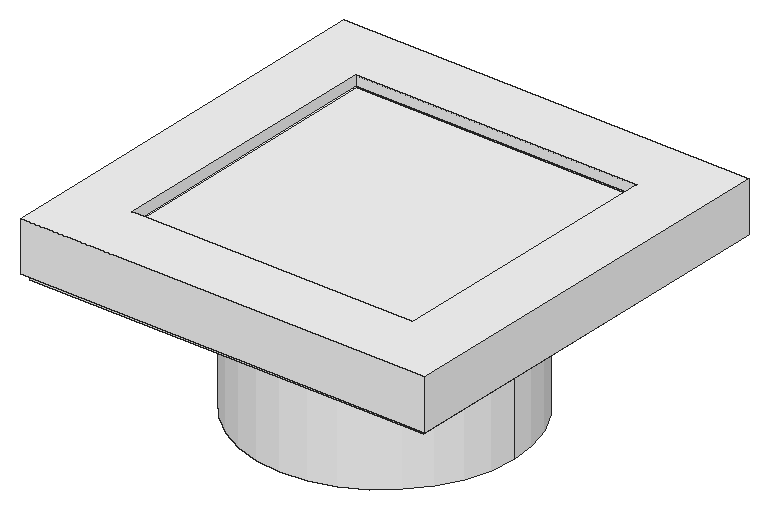
Revit family "Gira_0136005", category Electrical Fixtures, host Face, Revit 2017
Family settings
  Host = Face
  Maintain Annotation Orientation = Yes
  Round Connector Dimension = Use Diameter
  Part Type = Normal
  Cut with Voids When Loaded = No
  Shared = No
  Room Calculation Point = No
Parameters (values of type "PB ind.sw. off/2-way System 55 black m")
  White [instance] = White
  URL = "http://katalog.gira.de/en/datenblatt.html?artikelnr=0136005"
  Name = "PB ind.sw. off/2-way System 55 black m"
  Model = "Sys55_Komplettgerät_Schalten und Tasten"
  Manufacturer URL = "https://www.gira.de/"
  Manufacturer = "Gira"
  Label space/information surface = "No"
  HeinzeBIM = "https://bimportal.heinze.de/bim/pb-ind-sw-off-2-way-system-55-black-m/3d82de511a8cd2216bdfe59f043e2969c0a4b08f"
  HAN = "0136005"
  GTIN = "4010337037941"
  Description = "PB ind.sw.off 2-w Sys55 BKm,Pushbutton indicator switch 10 AX 250 V~ with rocker,Universal off 2-way switch,black matt,Notes :,- Can also be connected with illumination."
  Default Elevation = 1219.2 mm
  Data sheet (1) = "https://katalog.gira.de/en/download.html?artikelnr=0136005"
  Category = "Switch"
  BIM (1) = "https://media.stage.bim.site/public/gira/36a6b08/Sys55_Komplettgerät_Schalten und Tasten.rfa?public/gira/36a6b08/Sys55_Komplettgerät_Schalten und Tasten.rfa"
  Available = "No"
Reference planes
  plane 1 "Center (Front/Back)": y = 0
  plane 2: z = 0
  plane 3 "Center (Left/Right)": x = 0
Forms (mm)
  Extrusion 1, solid, material "White" <- "White", detail levels medium
    sketch origin (0, 0, 0) x (1, 0, 0) y (0, 1, 0)
      loop
        line (-40.4, 40.4) -> (-40.4, -40.4) -> (40.4, -40.4) -> (40.4, 40.4) -> (-40.4, 40.4)
      loop
        line (-28, 28) -> (-28, -28) -> (28, -28) -> (28, 28) -> (-28, 28)
    from 0 to 10
  Extrusion 2, solid, material "White" <- "White", detail levels fine
    sketch origin (0, 0, 0) x (1, 0, 0) y (0, 1, 0)
      loop
        line (-40.4, 40.4) -> (-40.4, -40.4) -> (40.4, -40.4) -> (40.4, 40.4) -> (-40.4, 40.4)
      loop
        line (-28, 28) -> (-28, -28) -> (28, -28) -> (28, 28) -> (-28, 28)
    from 0 to 10
  Extrusion 3, void
    sketch origin (0, 0, 0) x (1, 0, 0) y (0, 1, 0)
      loop
        line (-38.4, 38.4) -> (-38.4, -38.4) -> (38.4, -38.4) -> (38.4, 38.4) -> (-38.4, 38.4)
    from 0 to 8
  Extrusion 4, solid, material "White" <- "White", detail levels medium+fine
    sketch origin (0, 0, 0) x (1, 0, 0) y (0, 1, 0)
      loop
        line (-39.4, 39.4) -> (-39.4, -39.4) -> (39.4, -39.4) -> (39.4, 39.4) -> (-39.4, 39.4)
    from 0 to -1
  Extrusion 5, solid, material "White" <- "White", detail levels medium+fine
    sketch origin (0, 0, 0) x (1, 0, 0) y (0, 1, 0)
      loop
        line (-35.5, 35.5) -> (-35.5, -35.5) -> (35.5, -35.5) -> (35.5, 35.5) -> (-35.5, 35.5)
    from -2 to -3
  Extrusion 6, solid, material "White" <- "White", detail levels medium+fine
    sketch origin (0, 0, 0) x (1, 0, 0) y (0, 1, 0)
      loop
        circle (0, 0) r 26
    from 0 to -27.5
  Extrusion 7, solid, material "White" <- "White", detail levels coarse
    sketch origin (0, 0, 0) x (1, 0, 0) y (0, 1, 0)
      loop
        line (-40.4, 40.4) -> (-40.4, -40.4) -> (40.4, -40.4) -> (40.4, 40.4) -> (-40.4, 40.4)
    from -27.5 to 10
Cuts and joins
  Extrusion 3 cuts Extrusion 2
Dimensions and locks
  aligned and locked: plane 2 to host face
  aligned and locked: level to host face
  aligned and locked: plane 3 "Center (Left/Right)" to nested 2
  aligned and locked: plane 1 "Center (Front/Back)" to nested 2
Nested families
  nested 1: "Sys55_Abdeckung_Schalten und Tasten_floor_base" at (0, 0, 0), type "Sys55_Abdeckung_Schalten und Tasten_floor_base"
  nested 2: "Schalter" at (0, 0, 0), type "Schalter"
Connectors
  electrical at (0, 0, -27.5)
    settings: on Extrusion 6, index 1, voltage 220 V, apparent load 0 VA, apparent load phase1 0 VA, apparent load phase2 0 VA, apparent load phase3 0 VA, power factor 1, load classification "Other", number of poles 1, system type 30, power factor state 1, is connector primary yes, connector utility no, sub classification motor no, connector description ""
Definition of nested family "Sys55_Abdeckung_Schalten und Tasten_floor_base"
  Parameters
    Default Elevation = 1219.2 mm
    White [instance] = none
  Reference planes
    plane 1 "Center (Front/Back)": y = 0
    plane 2: z = 0
    plane 3 "Center (Left/Right)": x = 0
  Forms (mm)
    Extrusion 1, solid
      sketch origin (0, 0, 0) x (1, 0, 0) y (0, 1, 0)
        loop
          line (-1219.2, 1219.2) -> (-1219.2, -1219.2) -> (1219.2, -1219.2) -> (1219.2, 1219.2) -> (-1219.2, 1219.2)
      from 0 to -304.8
    Extrusion 2, solid, material <- "White", detail levels fine
      sketch origin (0, 0, 0) x (1, 0, 0) y (0, 1, 0)
        loop
          line (-27.5, 27.5) -> (-27.5, -27.5) -> (27.5, -27.5) -> (27.5, 27.5) -> (-27.5, 27.5)
      from 0 to 8
    Extrusion 3, void
      sketch origin (0, 0, 0) x (1, 0, 0) y (0, 1, 0)
        loop
          line (26, 26) -> (-26, 26) -> (-26, -26) -> (26, -26) -> (26, 26)
      from 0 to 6
    Extrusion 4, solid, material <- "White", detail levels medium
      sketch origin (0, 0, 0) x (1, 0, 0) y (0, 1, 0)
        loop
          line (-27.5, 27.5) -> (-27.5, -27.5) -> (27.5, -27.5) -> (27.5, 27.5) -> (-27.5, 27.5)
      from 0 to 8
    Extrusion 5, solid, material <- "White", detail levels medium
      sketch origin (0, 0, 0) x (1, 0, 0) y (0, 1, 0)
        loop
          line (11, -17.5) -> (11, 17.5) -> (-11, 17.5) -> (-11, -17.5) -> (11, -17.5)
      from -6 to 6
    Extrusion 6, solid, material <- "White", detail levels fine
      sketch origin (0, 0, 0) x (1, 0, 0) y (0, 1, 0)
        loop
          line (11, 17.5) -> (-11, 17.5) -> (-11, 16.5) -> (11, 16.5) -> (11, 17.5)
        loop
          line (-11, -16.5) -> (-11, -17.5) -> (11, -17.5) -> (11, -16.5) -> (-11, -16.5)
      from -4 to 6
    Extrusion 7, solid, material <- "White", detail levels fine
      sketch origin (0, 0, 0) x (1, 0, 0) y (0, 1, 0)
        loop
          arc (5, 9.347) -> (0, 10.6) -> (-5, 9.347) r 10.6
          line (-5, 9.347) -> (-5, -9.347)
          arc (-5, -9.347) -> (0, -10.6) -> (5, -9.347) r 10.6
          line (5, -9.347) -> (5, 9.347)
      from -6 to 6
    Extrusion 8, solid, material <- "White", detail levels coarse
      sketch origin (0, 0, 0) x (1, 0, 0) y (0, 1, 0)
        loop
          line (-27.5, 27.5) -> (-27.5, -27.5) -> (27.5, -27.5) -> (27.5, 27.5) -> (-27.5, 27.5)
      from -6 to 8
  Cuts and joins
    Extrusion 3 cuts Extrusion 2
  Dimensions and locks
    aligned and locked: plane 2 to Extrusion 1
    aligned and locked: level to Extrusion 1
Definition of nested family "Schalter"
  Reference planes
    plane 1: y = 0
    plane 2: x = 0
  Lines and regions (mm)
    detail lines
      curve 1: circle (1.375, 2.778, 0) r 0.8 normal (0, 0, 1)
      curve 2: line (1.021, 2.061, 0) -> (0, 0, 0)
      curve 3: line (0, 0, 0) -> (-0.538, 0.266, 0)
  Dimensions and locks
    curve 2 to curve 2 = 2.3 mm
    curve 3 to curve 2 = 0.6 mm
    radius of curve 1 = 0.8 mm
